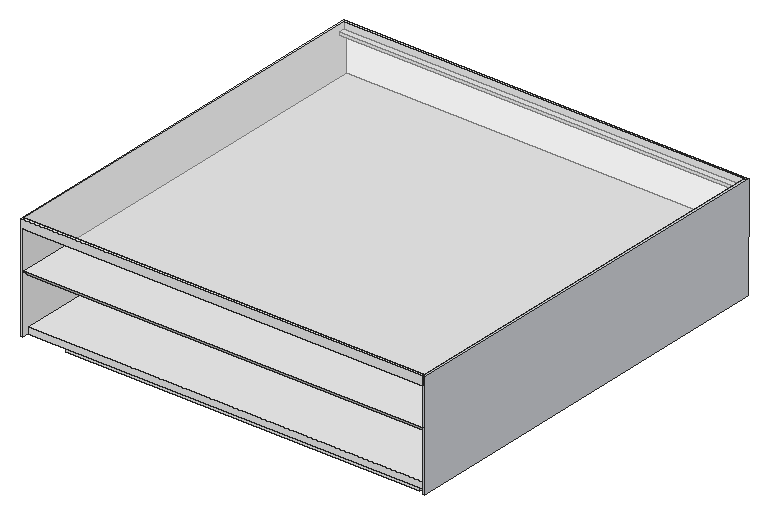
Revit family
Parameters (values of type "48"")
  Width = 4' - 0"
  URL = "http://elanbydecca.com/"
  Top [instance] = Furniture - DECCA (Elan) - Museum - Top
  Frame [instance] = Furniture - DECCA (Elan) - Museum - Frame
  Drawer/Shelf [instance] = Furniture - DECCA (Elan) - Museum - Drawer/Shelf
  Drawer = no
  Base [instance] = Furniture - DECCA (Elan) - Museum - Base
  Product URL = "http://elanbydecca.com/PDFs/elan_tearsheet-museum.pdf"
  Model = "DG CT187"
  Manufacturer = "Decca Contract"
  Height = 1' - 2 1/2"  # constant formula
  Description = "Museum, Table"
  Depth = 4' - 0"
  Assembly Description = "Furniture & Accessories"
  Assembly Code = "E2020200"
Types (7): name | Width | Drawer | Model | Depth
  (no name) | 4' - 0" | no | "DG CT187" | 4' - 0"
  36" w/Drawers | 3' - 0" | yes | "DG CT180" | 3' - 0"
  42" w/Drawers | 3' - 6" | yes | "DG CT181" | 3' - 6"
  48" w/Drawers | 4' - 0" | yes | "DG CT182" | 4' - 0"
  36" | 3' - 0" | no | "DG CT185" | 3' - 0"
  42" | 3' - 6" | no | "DG CT186" | 3' - 6"
  48" | 4' - 0" | no | "DG CT187" | 4' - 0"
Reference planes (in)
  plane 1 "Center Front/Back": y = -0.7524
  plane 2: z = 0
  plane 3 "Center Left/Right": x = 0
  plane 4 "L": x = -24
  plane 5 "R": x = 24
  plane 6 "F": y = -24.7524
  plane 7: y = 23.2476
  plane 8: through (-6.25338, 2.33237, 23.38953) normal (0.4297, -0.4297, 0.7941)
  plane 9: z = 14.5
  plane 10: x = -23.75
  plane 11: x = 23.75
  plane 12: y = 22.9976
  plane 13: y = -24.5024
  plane 14: y = -21.7525
  plane 15: y = 20.2477
  plane 16: x = -21
  plane 17: x = 21
  plane 18: z = 13.75
  plane 19: z = 13.5
  plane 20: z = 2
  plane 21: z = 2.75
  plane 22: z = 8.25
  plane 23: z = 9
  plane 24: y = 22.2476
  plane 25: y = -23.7524
  plane 26: y = 22.4976
  plane 27: y = -24.0024
Forms (in)
  Extrusion 1, solid, material "Furniture - DECCA (Elan) - Museum - Frame" <- "Frame"
    sketch origin (0, 0, 0) x (0, 1, 0) y (0, 0, 1)
      loop
        line (23.2476, 2) -> (23.2476, 14.5) -> (-24.7524, 14.5) -> (-24.7524, 2) -> (23.2476, 2)
    from -24 to -23.75
  Extrusion 2, solid
    sketch origin (0, 0, 0) x (0, 1, 0) y (0, 0, 1)
      loop
        line (23.2476, 14.5) -> (-24.7524, 14.5) -> (-24.7524, 2) -> (23.2476, 2) -> (23.2476, 14.5)
    from 23.75 to 24
  Extrusion 3, solid, material "Furniture - DECCA (Elan) - Museum - Frame" <- "Frame"
    sketch origin (0, 0, 0) x (0, 1, 0) y (0, 0, 1)
      loop
        line (23.2476, 14.5) -> (22.9976, 14.5) -> (22.9976, 13.75) -> (22.2476, 13.75) -> (22.2476, 13.5) -> (23.2476, 13.5) -> (23.2476, 14.5)
      loop
        line (-23.7524, 13.5) -> (-23.7524, 13.75) -> (-24.5024, 13.75) -> (-24.5024, 14.5) -> (-24.7524, 14.5) -> (-24.7524, 13.5) -> (-23.7524, 13.5)
    from -23.75 to 23.75
  Extrusion 4, solid, material "Furniture - DECCA (Elan) - Museum - Drawer/Shelf" <- "Drawer/Shelf", visible <- "Drawer"
    sketch origin (0, 0, 0) x (0, 1, 0) y (0, 0, 1)
      loop
        line (23.2476, 2) -> (23.2476, 9) -> (22.4976, 8.25) -> (22.4976, 2) -> (23.2476, 2)
      loop
        line (-24.7524, 2) -> (-24.0024, 2) -> (-24.0024, 8.25) -> (-24.7524, 9) -> (-24.7524, 2)
    from -23.75 to 23.75
  Extrusion 5, solid, material "Furniture - DECCA (Elan) - Museum - Drawer/Shelf" <- "Drawer/Shelf"
    sketch origin (0, 0, 0) x (0, 1, 0) y (0, 0, 1)
      loop
        line (23.2476, 9) -> (-24.7524, 9) -> (-24.0024, 8.25) -> (22.4976, 8.25) -> (23.2476, 9)
      loop
        line (22.4976, 2.75) -> (-24.0024, 2.75) -> (-24.0024, 2) -> (22.4976, 2) -> (22.4976, 2.75)
    from -23.75 to 23.75
  Extrusion 6, solid, material "Furniture - DECCA (Elan) - Museum - Top" <- "Top"
    sketch origin (0, 0, 0) x (0, 1, 0) y (0, 0, 1)
      loop
        line (22.9976, 13.75) -> (22.9976, 14.5) -> (-24.5024, 14.5) -> (-24.5024, 13.75) -> (22.9976, 13.75)
    from -23.75 to 23.75
  Extrusion 7, solid, material "Furniture - DECCA (Elan) - Museum - Base" <- "Base"
    sketch origin (0, 0, 0) x (0, 1, 0) y (0, 0, 1)
      loop
        line (20.2477, 0) -> (20.2477, 2) -> (-21.7525, 2) -> (-21.7525, 0) -> (20.2477, 0)
    from -21 to 21
Cuts and joins
  joined: Extrusion 1, Extrusion 3
Dimensions and locks (in)
  equal spacing: plane 4 "L", plane 3 "Center Left/Right", plane 5 "R"
  equal spacing: plane 7, plane 1 "Center Front/Back", plane 6 "F"
  "Width": plane 4 "L" to plane 5 "R"
  "Depth": plane 7 to plane 6 "F"
  "Height": plane 9 to level
  locked: plane 4 "L" to plane 10 at 0.25
  locked: plane 7 to plane 12 at 0.25
  locked: plane 11 to plane 5 "R" at 0.25
  locked: plane 13 to plane 6 "F" at 0.25
  locked: plane 4 "L" to plane 16 at 3
  locked: plane 17 to plane 5 "R" at 3
  locked: plane 15 to plane 7 at 2.9999
  locked: plane 14 to plane 6 "F" at 2.9999
  plane 23 to plane 22 to plane 21 to plane 20 to level = 0' - 0 3/4" locked, 0' - 5 1/2" locked, 0' - 0 3/4" locked, 0' - 2" locked
  plane 9 to plane 18 to plane 19 = 0' - 0 3/4" locked, 0' - 0 1/4" locked
  locked: plane 6 "F" to plane 25 at 1
  locked: plane 7 to plane 24 at 1
  locked: plane 7 to plane 26 at 0.75
  locked: plane 27 to plane 6 "F" at 0.75
  aligned and locked: plane 7 to Extrusion 1 sketch curve
  aligned and locked: plane 9 to Extrusion 1 sketch curve
  aligned and locked: plane 6 "F" to Extrusion 1 sketch curve
  aligned and locked: plane 20 to Extrusion 1 sketch curve
  aligned and locked: Extrusion 1 to plane 4 "L"
  aligned and locked: plane 10 to Extrusion 1
  aligned and locked: plane 9 to Extrusion 2 sketch curve
  aligned and locked: plane 7 to Extrusion 2 sketch curve
  aligned and locked: plane 20 to Extrusion 2 sketch curve
  aligned and locked: plane 6 "F" to Extrusion 2 sketch curve
  aligned and locked: Extrusion 2 to plane 5 "R"
  aligned and locked: plane 11 to Extrusion 2
  aligned and locked: Extrusion 3 to plane 10
  aligned and locked: Extrusion 3 to plane 11
  aligned and locked: plane 20 to Extrusion 4 sketch curve
  aligned and locked: plane 7 to Extrusion 4 sketch curve
  aligned and locked: plane 6 "F" to Extrusion 4 sketch curve
  aligned and locked: Extrusion 4 to plane 10
  aligned and locked: Extrusion 4 to plane 11
  aligned and locked: plane 23 to Extrusion 5 sketch curve
  aligned and locked: plane 22 to Extrusion 5 sketch curve
  aligned and locked: plane 21 to Extrusion 5 sketch curve
  aligned and locked: plane 20 to Extrusion 5 sketch curve
  aligned and locked: plane 26 to Extrusion 5 sketch curve
  aligned and locked: plane 27 to Extrusion 5 sketch curve
  aligned and locked: Extrusion 5 to plane 10
  aligned and locked: Extrusion 5 to plane 11
  aligned and locked: plane 12 to Extrusion 6 sketch curve
  aligned and locked: plane 18 to Extrusion 6 sketch curve
  aligned and locked: plane 9 to Extrusion 6 sketch curve
  aligned and locked: Extrusion 6 sketch curve to plane 13
  aligned and locked: Extrusion 6 to plane 10
  aligned and locked: Extrusion 6 to plane 11
  aligned and locked: Extrusion 7 sketch curve to plane 15
  aligned and locked: plane 20 to Extrusion 7 sketch curve
  aligned and locked: level to Extrusion 7 sketch curve
  aligned and locked: Extrusion 7 sketch curve to plane 14
  aligned and locked: Extrusion 7 to plane 16
  aligned and locked: Extrusion 7 to plane 17
Automatic sketch dimensions
  Extrusion 3 sketch curve to plane 25 = 0' - 0"
  Extrusion 3 sketch curve to plane 6 "F" = 0' - 0"
  Extrusion 3 sketch curve to plane 19 = 0' - 0"  (x2)
  Extrusion 3 sketch curve to plane 18 = 0' - 0"  (x2)
  Extrusion 3 sketch curve to plane 13 = 0' - 0"
  Extrusion 3 sketch curve to plane 9 = 0' - 0"  (x2)
  Extrusion 3 sketch curve to plane 24 = 0' - 0"
  Extrusion 3 sketch curve to plane 12 = 0' - 0"
  Extrusion 3 sketch curve to plane 7 = 0' - 0"
  Extrusion 4 sketch curve to plane 27 = 0' - 0"
  Extrusion 4 sketch curve to plane 26 = 0' - 0"
  Extrusion 4 sketch curve to plane 20 = 0' - 0"
  Extrusion 4 sketch curve to plane 22 = 0' - 0"  (x2)
  Extrusion 4 sketch curve to plane 23 = 0' - 0"  (x2)
  Extrusion 5 sketch curve to plane 26 = 0' - 0"
  Extrusion 5 sketch curve to plane 7 = 0' - 0"
  Extrusion 5 sketch curve to plane 27 = 0' - 0"
  Extrusion 5 sketch curve to plane 6 "F" = 0' - 0"
